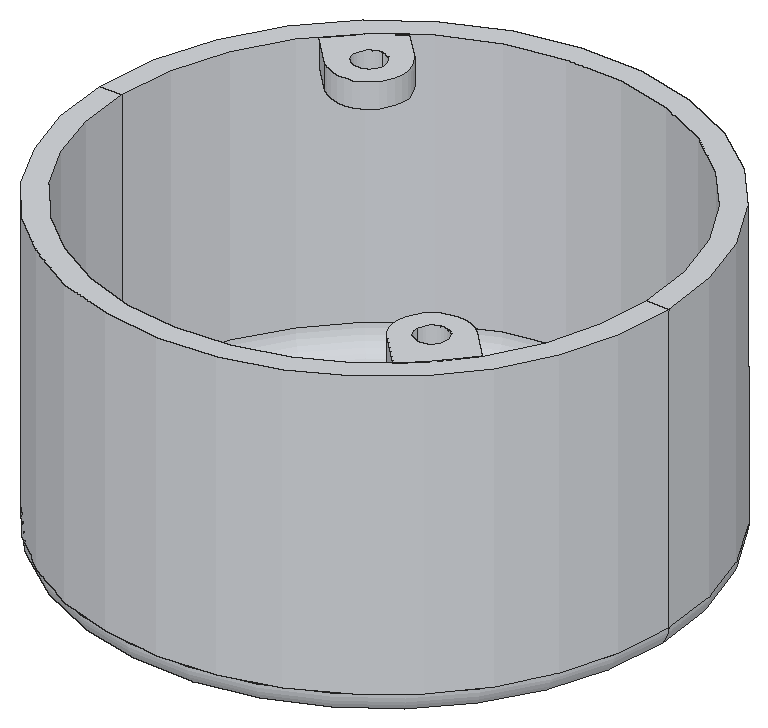
Revit family "LP4G", category Generic Models, Revit 2017
Family settings
  Can host rebar = No
  Round Connector Dimension = Use Diameter
  Part Type = Normal
  Work Plane-Based = Yes
  Always vertical = No
  Cut with Voids When Loaded = No
  Shared = No
  Room Calculation Point = No
Parameters (values of type "NBS Standard Parameters")
  Weight = "0.12Kg"
  WarrantyStartDate [instance] = "1900-12-31T23:59:59"
  WarrantyGuarantorParts = "n/a"
  WarrantyGuarantorLabor = "n/a"
  WarrantyDurationUnit = "1 year"
  WarrantyDurationParts = "n/a"
  WarrantyDurationLabor = "n/a"
  WarrantyDescription = "n/a"
  Version = "1"
  Uniclass2 = "Pr_65_70_11_20"
  TagNumber [instance] = "n/a"
  SustainabilityPerformance = "n/a"
  Size = "4 HOLE"
  Shape = "Circular"
  SerialNumber [instance] = "n/a"
  Revision = "n/a"
  ReplacementCost = "n/a"
  ProductInformation = "www.metpro.co.uk/pdf/LP4G.pdf"
  NominalWidth = 66 mm
  NominalLength = 66 mm
  NominalHeight = 32.5 mm
  Name = ""
  NBSTypeID = ""
  NBSReference = "90-55-10/460"
  NBSOfficeMasterTag = ""
  NBSNote = ""
  NBSDescription = "Conduit Fittings"
  NBSCertification = ""
  ModelReference = "LP4G"
  ModelNumber = "n/a"
  Material = "MILD STEEL"
  ManufacturerURL = "www.metpro.co.uk"
  ManufacturerName = "Metpro Ltd"
  Keynote = "Compliant to LU Standard 1-085"
  InstallationDate [instance] = "1900-12-31T23:59:59"
  IfcExportType = ""
  IfcExportAs = ""
  Grade = "n/a"
  Finish = "BZP"
  Features = "n/a"
  ExpectedLife = "n/a"
  DurationUnit = "year"
  Description = "LP4G  Four Hole Knockout Loopin Box"
  Default Elevation = 1219.2 mm
  Constituents = "n/a"
  Color = "n/a"
  CodePerformance = "n/a"
  Category = "n/a"
  BarCode [instance] = "n/a"
  BIMObjectName = "Metpro_Metprolibrary _Conduitfittings_Metalcomponents_Steelaccessories"
  Author = "Metpro Ltd"
  AssetType = ""
  AssetIdentifier [instance] = "n/a"
  AccessibilityPerformance = "n/a"
Reference planes
  plane 1 "Center (Front/Back)": y = 0
  plane 2: z = 0
  plane 3 "Center (Left/Right)": x = 0
Forms (mm)
  Revolve 1, solid
    sketch origin (155.469, 918.203, 707.693) x (1, 0, 0) y (0, 0, 1)
      loop
        line (-32.5, 45.041) -> (-32.5, 12.5)
        arc (-32.5, 12.5) -> (-31.768, 10.732) -> (-30, 10) r 2.5
        line (-30, 10) -> (0, 10) -> (0, 12.541) -> (-27, 12.541)
        arc (-27, 12.541) -> (-29.121, 13.42) -> (-30, 15.541) r 3
        line (-30, 15.541) -> (-30, 45.041) -> (-32.5, 45.041)
      axis (0, 10) -> (0, 45.041)
    angle from 0 to 360
  Extrusion 2, solid
    sketch origin (155.469, 918.203, 752.734) x (0, 1, 0) y (-1, 0, 0)
      loop
        arc (-13.805, -21.577) -> (-13.887, -16.02) -> (-19.441, -15.821) r 4.033
        line (-19.441, -15.821) -> (-22.946, -19.326)
        arc (-22.946, -19.326) -> (-20.14, -22.235) -> (-16.968, -24.74) r 30
        line (-16.968, -24.74) -> (-13.805, -21.577)
      loop
        circle (-16.769, -18.842) r 1.752
      loop
        line (21.577, 13.805) -> (24.74, 16.968)
        arc (24.74, 16.968) -> (22.235, 20.14) -> (19.326, 22.946) r 30
        line (19.326, 22.946) -> (15.821, 19.441)
        arc (15.821, 19.441) -> (16.02, 13.887) -> (21.577, 13.805) r 4.033
      loop
        circle (18.842, 16.769) r 1.752
    from -2.782 to 0
  Extrusion 3, void
    sketch origin (155.469, 918.203, 717.693) x (1, 0, 0) y (0, 1, 0)
      loop
        circle (-12.035, -11.875) r 10
      loop
        circle (12.035, -11.875) r 10
      loop
        circle (-12.035, 11.875) r 10
      loop
        circle (12.035, 11.875) r 10
      loop
        circle (12.035, -11.875) r 9.713
      loop
        circle (-12.035, -11.875) r 9.7
      loop
        circle (12.035, 11.875) r 9.7
      loop
        circle (-12.035, 11.875) r 9.7
    from 0 to 6.496
Cuts and joins
  Extrusion 3 cuts Revolve 1
Dimensions and locks
  aligned and locked: level to plane 2
